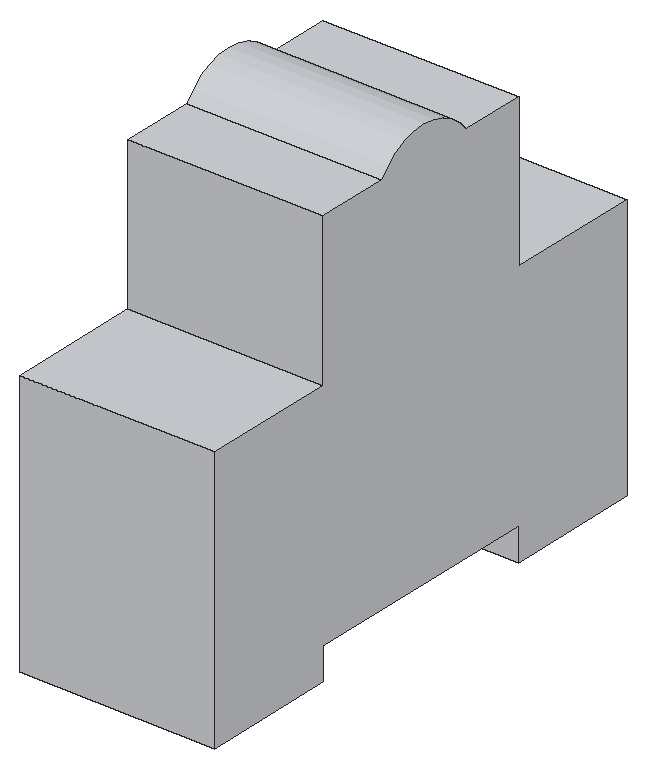
Revit family "Power-ModularDevices-GEWISS-90AM-SPD_TYPE1+2_1PN_12kA", category Apparecchi elettrici, host Superficie, Revit 2016
Family settings
  Host = Superficie
  Mantenere orientamento annotazione = Sì
  Tipo di parte = Normale
  Quota connettore circolare = Usa diametro
  Numero OmniClass = 23.80.50.00
  Titolo OmniClass = Terminals for Power Supply
  Taglio con vuoti quando caricato = No
  Condiviso = No
  Punto di calcolo locali = Sì
Parameters (values of type "GWD6401 - LST - SPD 1P+N 12,5KA T1+2")
  potenza in watt = 0 V
  carico = Altro
  Version file RFA = "18.0"
  URL = "https://www.gewiss.com/ww/en"
  Type: = "1+2"
  Type = "1+2"
  Technical sheet = "https://www.gewiss.com/ww/en/search?q=GWD6401"
  Spostamento_x = -50 mm
  Simbolo in pianta = yes
  SEO = "Limiter"
  Realized by GEWISS S.p.A. = ""
  Rated voltage AC = "230V"
  Rated voltage = "230Vac"
  Default Elevation = 1219.2 mm
  Produttore = "GEWISS S.p.A."
  Numero di poli = 1
  Spost_x_eff [instance] = 4000 mm + Spostamento_x  # 3950 mm
  Number of poles = "1P+N"
  No. of poles = "1P+N"
  No. of modules EN 50022 = "2"
  No. Chorus modules = "2"
  Modello = "GWD6401"
  Maximum discharge current: = "65KA"
  Impulse current: = "12,5KA"
  Immagine tipo = GWD6401.jpg
  IFC.TypeObject = ""
  IFC.ExportType = ""
  IFC.ExportAs = ""
  IDT = "3eadec53-785f-4656-9471-459a1ac69818"
  IDF = "a3027289-0c26-4ed6-b6f9-3071d9977e8a"
  Electrocod = "0641"
  EAN code = "8011564801998"
  Descrizione = "LST - SPD 1P+N 12,5KA T1+2"
  Catalogue Range = "90 AM"
  Catalogue = "POWER"
  COBie.Tagnumber = ""
  COBie.CreatedOn = ""
  COBie.CreatebBy = ""
  COBie.ComponentRegisterItemID = ""
  COBie.Component.TagNumber = ""
  COBie.Component.Space = ""
  COBie.Component.SerialNumber = ""
  COBie.Component.InstallationDate = ""
  COBie.Component.Description = ""
  COBie.Component.BarCode = ""
  Barra_DIN = 0 mm
  Aux end-of-life contact = "No"
Types (2, lengths in mm): name | URL | Produttore | Modello | Descrizione
  (no name) | 0 | 0 | 0 | 0
  GWD6401 - LST - SPD 1P+N 12,5KA T1+2 | "https://www.gewiss.com/ww/en" | "GEWISS S.p.A." | "GWD6401" | "LST - SPD 1P+N 12,5KA T1+2"
Values of the unnamed type that differ from the named types
  Version file RFA = ""
  Type: = ""
  Type = ""
  Technical sheet = ""
  SEO = ""
  Rated voltage AC = ""
  Rated voltage = ""
  Number of poles = ""
  No. of poles = ""
  No. of modules EN 50022 = ""
  No. Chorus modules = ""
  Maximum discharge current: = ""
  Impulse current: = ""
  IDT = ""
  IDF = ""
  Electrocod = ""
  EAN code = ""
  Catalogue Range = ""
  Catalogue = ""
  Aux end-of-life contact = ""
Reference planes
  plane 1 "Centro (Fronte/Retro)": y = 0
  plane 2: z = 0
  plane 3 "Centro (Sinistra/Destra)": x = 0
  plane 4: z = 0
  plane 5: x = 0
Dimensions and locks
  "Barra_DIN": host face to plane 4
  aligned and locked: plane 2 to host face
  aligned and locked: level to host face
  aligned and locked: plane 3 "Centro (Sinistra/Destra)" to nested 1
  aligned and locked: plane 1 "Centro (Fronte/Retro)" to nested 1
Automatic sketch dimensions
  host sketch curve to host sketch curve = 6519.2 mm
  host sketch curve to host sketch curve = 4328.142 mm
Nested families
  nested 1: "GENERICO - 90AM SCARICATORI LST TIPO 1+2 1P+N 12,5KA" at (0, 0, 7), type "GENERICO - 90AM SCARICATORI LST TIPO 1+2 1P+N 12,5KA"
  nested 2: "Famiglia3" at (0, 58.831, 0), visible <- "Simbolo in pianta", type "Famiglia3"
Connectors
  electrical at (0, 47.5, 25.5)
    settings: on nested 1, index 1, voltage 230 V, apparent load 0 VA, apparent load phase1 0 VA, apparent load phase2 0 VA, apparent load phase3 0 VA, power factor 1, load classification "Altro", number of poles 1, system type 31, power factor state 1, is connector primary yes, connector utility no, sub classification motor no, connector description ""
Definition of nested family "GENERICO - 90AM SCARICATORI LST TIPO 1+2 1P+N 12,5KA"
  Parameters (values of type "GENERICO - 90AM SCARICATORI LST TIPO 1+2 1P+N 12,5KA")
    h_barra din = if(Altezza barre = 1 mm, 69.9 mm, if(Altezza barre = 2 mm, 115.8 mm, 0 mm))  # 0 mm
    Default Elevation = 1219.2 mm
    H = if(AB_O = 1, AB_V, if(AB_O = 2, AB_H, 50.8 mm))  # 50.8 mm
    Dist barra din = 0 mm  # constant formula
    C1 = 49 mm  # constant formula
    C = 76 mm  # constant formula
    B = 95 mm  # constant formula
    Altezza barre = 5 mm  # constant formula
    AB_V = 3 mm  # constant formula
    AB_H = 5 mm  # constant formula
    AB_O = 0  # constant formula
    A = 36 mm  # constant formula
  Reference planes
    plane 1 "Centro (Fronte/Retro)": y = 0
    plane 2: z = 0
    plane 3 "Centro (Sinistra/Destra)": x = 0
    plane 4: y = -47.5
    plane 5: y = 47.5
    plane 6: z = 0
    plane 7: z = -6
    plane 8 "top": z = 76
    plane 9 "incasso": z = 43
    plane 10: y = -22.5
    plane 11: y = 22.5
    plane 12: x = -18
    plane 13: x = 18
    plane 14: through (4267.2, -42.5, 9) normal (0, -0.1901, 0.9818)
    plane 15 "POSIZIONE": z = 71
    plane 16: y = 10.353
    plane 17: y = -8.889
  Forms (mm)
    Extrusion 1, solid
      sketch origin (0, 0, 0) x (0, 1, 0) y (0, 0, 1)
        loop
          line (-22.5, 0) -> (22.5, 0) -> (22.5, -6) -> (47.5, -6) -> (47.5, 43) -> (22.5, 43) -> (22.5, 71) -> (10.353, 71)
          arc (10.353, 71) -> (0.732, 76.023) -> (-8.889, 71) r 11.726
          line (-8.889, 71) -> (-22.5, 71) -> (-22.5, 43) -> (-47.5, 43) -> (-47.5, -6) -> (-22.5, -6) -> (-22.5, 0)
      from -18 to 18
  Lines and regions (mm)
    symbolic lines
      curve 1: line (0, 0, 15) -> (0, 0, -6)
      curve 2: line (0, -22.5, 0) -> (0, 22.5, 0)
      curve 304: line (0, 47.5, 43) -> (0, 22.5, 43)
    model lines, not visible
      curve 3: line (224.303, 91.977, 74) -> (224.303, 136.977, 74)
      curve 4: line (154.303, 136.977, 74) -> (154.303, 91.977, 74)
      curve 5: line (224.303, 136.977, 74) -> (154.303, 136.977, 74)
      curve 6: line (224.303, 91.977, 74) -> (154.303, 91.977, 74)
      curve 7: line (208.303, 108.977, 74) -> (169.303, 108.977, 74)
      curve 8: line (169.303, 108.977, 74) -> (169.303, 125.977, 74)
      curve 9: line (169.303, 125.977, 74) -> (208.303, 125.977, 74)
      curve 10: line (208.303, 125.977, 74) -> (208.303, 108.977, 74)
      curve 192: line (95.035, 64.787, 53) -> (165.035, 64.787, 53)
      curve 193: line (165.035, 64.787, 53) -> (165.035, 84.787, 53)
      curve 194: line (95.035, 84.787, 53) -> (95.035, 64.787, 53)
      curve 195: line (165.035, 84.787, 53) -> (95.035, 84.787, 53)
      curve 204: line (159.024, 125.408, 53) -> (89.024, 125.408, 53)
      curve 205: line (159.024, 105.408, 53) -> (89.024, 105.408, 53)
      curve 206: line (159.024, 113.408, 53) -> (89.024, 113.408, 53)
      curve 207: line (121.484, 119.926, 53) -> (121.484, 118.591, 53)
      curve 208: line (121.484, 118.591, 53) -> (126.564, 118.591, 53)
      curve 209: line (126.564, 118.591, 53) -> (126.564, 119.926, 53)
      curve 210: line (128.168, 122.331, 53) -> (128.168, 119.926, 53)
      curve 211: line (128.168, 119.926, 53) -> (119.879, 119.926, 53)
      curve 212: line (119.879, 119.926, 53) -> (119.879, 122.331, 53)
      curve 213: line (119.879, 122.331, 53) -> (128.168, 122.331, 53)
      curve 309: line (-18, 42.406, 43) -> (18, 42.406, 43)
      curve 311: circle (-9.553, 37.799, 43) r 3.335 normal (0, 0, 1)
      curve 312: circle (8.447, 37.799, 43) r 3.429 normal (0, 0, 1)
      curve 313: circle (-9.553, -37.201, 43) r 3.335 normal (0, 0, 1)
      curve 314: line (0, -22.5, 43) -> (0, -47.5, 43)
    model lines, not visible, detail levels fine
      curve 11: line (158.803, 96.373, 74) -> (158.803, 94.178, 74)
      curve 12: line (158.803, 94.178, 74) -> (158.068, 94.178, 74)
      curve 13: line (158.068, 94.178, 74) -> (157.642, 94.232, 74)
      curve 14: line (157.642, 94.232, 74) -> (157.12, 94.463, 74)
      curve 15: line (157.12, 94.463, 74) -> (156.706, 94.847, 74)
      curve 16: line (156.706, 94.847, 74) -> (156.431, 95.365, 74)
      curve 17: line (156.431, 95.365, 74) -> (156.346, 95.917, 74)
      curve 18: line (156.346, 95.917, 74) -> (156.429, 96.426, 74)
      curve 19: line (156.429, 96.426, 74) -> (156.649, 96.875, 74)
      curve 20: line (156.649, 96.875, 74) -> (157.044, 97.285, 74)
      curve 21: line (157.044, 97.285, 74) -> (157.523, 97.533, 74)
      curve 22: line (157.523, 97.533, 74) -> (158.061, 97.622, 74)
      curve 23: line (158.061, 97.622, 74) -> (158.803, 97.622, 74)
      curve 24: line (158.803, 97.622, 74) -> (158.803, 96.676, 74)
      curve 25: line (158.803, 96.676, 74) -> (157.555, 96.676, 74)
      curve 26: line (157.555, 96.676, 74) -> (157.555, 95.124, 74)
      curve 27: line (157.555, 95.124, 74) -> (157.859, 95.124, 74)
      curve 28: line (157.859, 95.124, 74) -> (157.859, 96.373, 74)
      curve 29: line (157.859, 96.373, 74) -> (158.803, 96.373, 74)
      curve 30: line (161.774, 94.178, 74) -> (159.106, 94.178, 74)
      curve 31: line (159.106, 94.178, 74) -> (159.106, 97.622, 74)
      curve 32: line (159.106, 97.622, 74) -> (160.525, 97.622, 74)
      curve 33: line (160.525, 97.622, 74) -> (160.525, 96.676, 74)
      curve 34: line (160.525, 96.676, 74) -> (160.052, 96.676, 74)
      curve 35: line (160.052, 96.676, 74) -> (160.052, 96.373, 74)
      curve 36: line (160.052, 96.373, 74) -> (161.774, 96.373, 74)
      curve 37: line (161.774, 96.373, 74) -> (161.774, 95.427, 74)
      curve 38: line (161.774, 95.427, 74) -> (160.052, 95.427, 74)
      curve 39: line (160.052, 95.427, 74) -> (160.052, 95.124, 74)
      curve 40: line (160.052, 95.124, 74) -> (161.774, 95.124, 74)
      curve 41: line (161.774, 95.124, 74) -> (161.774, 94.178, 74)
      curve 42: line (166.599, 94.178, 74) -> (166.599, 96.373, 74)
      curve 43: line (166.599, 96.373, 74) -> (165.653, 96.373, 74)
      curve 44: line (165.653, 96.373, 74) -> (165.653, 94.178, 74)
      curve 45: line (165.653, 94.178, 74) -> (166.599, 94.178, 74)
      curve 46: line (163.43, 94.178, 74) -> (163.714, 95.597, 74)
      curve 47: line (163.714, 95.597, 74) -> (163.997, 94.178, 74)
      curve 48: line (163.997, 94.178, 74) -> (164.944, 94.178, 74)
      curve 49: line (164.944, 94.178, 74) -> (165.53, 96.676, 74)
      curve 50: line (165.53, 96.676, 74) -> (166.599, 96.676, 74)
      curve 51: line (166.599, 96.676, 74) -> (166.599, 97.622, 74)
      curve 52: line (166.599, 97.622, 74) -> (164.783, 97.622, 74)
      curve 53: line (164.783, 97.622, 74) -> (164.442, 96.165, 74)
      curve 54: line (164.442, 96.165, 74) -> (164.206, 97.622, 74)
      curve 55: line (164.206, 97.622, 74) -> (163.222, 97.622, 74)
      curve 56: line (163.222, 97.622, 74) -> (162.985, 96.165, 74)
      curve 57: line (162.985, 96.165, 74) -> (162.645, 97.622, 74)
      curve 58: line (162.645, 97.622, 74) -> (160.828, 97.622, 74)
      curve 59: line (160.828, 97.622, 74) -> (160.828, 96.676, 74)
      curve 60: line (160.828, 96.676, 74) -> (161.897, 96.676, 74)
      curve 61: line (161.897, 96.676, 74) -> (162.482, 94.178, 74)
      curve 62: line (162.482, 94.178, 74) -> (163.43, 94.178, 74)
      curve 63: line (169.57, 97.622, 74) -> (166.902, 97.622, 74)
      curve 64: line (166.902, 97.622, 74) -> (166.902, 95.427, 74)
      curve 65: line (166.902, 95.427, 74) -> (168.624, 95.427, 74)
      curve 66: line (168.624, 95.427, 74) -> (168.624, 95.124, 74)
      curve 67: line (168.624, 95.124, 74) -> (166.902, 95.124, 74)
      curve 68: line (166.902, 95.124, 74) -> (166.902, 94.178, 74)
      curve 69: line (166.902, 94.178, 74) -> (169.57, 94.178, 74)
      curve 70: line (169.57, 94.178, 74) -> (169.57, 96.373, 74)
      curve 71: line (169.57, 96.373, 74) -> (167.848, 96.373, 74)
      curve 72: line (167.848, 96.373, 74) -> (167.848, 96.676, 74)
      curve 73: line (167.848, 96.676, 74) -> (169.57, 96.676, 74)
      curve 74: line (169.57, 96.676, 74) -> (169.57, 97.622, 74)
      curve 75: line (169.873, 97.622, 74) -> (169.873, 95.427, 74)
      curve 76: line (169.873, 95.427, 74) -> (171.478, 95.427, 74)
      curve 77: line (171.478, 95.427, 74) -> (171.478, 95.124, 74)
      curve 78: line (171.478, 95.124, 74) -> (169.873, 95.124, 74)
      curve 79: line (169.873, 95.124, 74) -> (169.873, 94.178, 74)
      curve 80: line (169.873, 94.178, 74) -> (170.819, 94.178, 74)
      curve 81: line (170.819, 94.178, 74) -> (171.365, 94.354, 74)
      curve 82: line (171.365, 94.354, 74) -> (171.718, 94.584, 74)
      curve 83: line (171.718, 94.584, 74) -> (172.121, 95.079, 74)
      curve 84: line (172.121, 95.079, 74) -> (172.309, 95.635, 74)
      curve 85: line (172.309, 95.635, 74) -> (172.315, 96.128, 74)
      curve 86: line (172.315, 96.128, 74) -> (172.263, 96.373, 74)
      curve 87: line (172.263, 96.373, 74) -> (170.819, 96.373, 74)
      curve 88: line (170.819, 96.373, 74) -> (170.819, 96.676, 74)
      curve 89: line (170.819, 96.676, 74) -> (172.134, 96.676, 74)
      curve 90: line (172.134, 96.676, 74) -> (171.964, 96.962, 74)
      curve 91: line (171.964, 96.962, 74) -> (171.718, 97.217, 74)
      curve 92: line (171.718, 97.217, 74) -> (171.375, 97.442, 74)
      curve 93: line (171.375, 97.442, 74) -> (171.017, 97.573, 74)
      curve 94: line (171.017, 97.573, 74) -> (170.615, 97.622, 74)
      curve 95: line (170.615, 97.622, 74) -> (169.873, 97.622, 74)
    model lines, not visible, detail levels medium+fine
      curve 96: line (179.303, 95.702, 74) -> (180.69, 96.074, 74)
      curve 97: line (180.69, 96.074, 74) -> (181.706, 97.09, 74)
      curve 98: line (181.706, 97.09, 74) -> (182.077, 98.477, 74)
      curve 99: line (182.077, 98.477, 74) -> (181.706, 99.864, 74)
      curve 100: line (181.706, 99.864, 74) -> (180.69, 100.879, 74)
      curve 101: line (180.69, 100.879, 74) -> (179.303, 101.251, 74)
      curve 102: line (179.303, 101.251, 74) -> (177.916, 100.879, 74)
      curve 103: line (177.916, 100.879, 74) -> (176.9, 99.864, 74)
      curve 104: line (176.9, 99.864, 74) -> (176.529, 98.477, 74)
      curve 105: line (176.529, 98.477, 74) -> (176.9, 97.09, 74)
      curve 106: line (176.9, 97.09, 74) -> (177.916, 96.074, 74)
      curve 107: line (177.916, 96.074, 74) -> (179.303, 95.702, 74)
      curve 108: line (202.303, 95.702, 74) -> (203.69, 96.074, 74)
      curve 109: line (203.69, 96.074, 74) -> (204.706, 97.09, 74)
      curve 110: line (204.706, 97.09, 74) -> (205.077, 98.477, 74)
      curve 111: line (205.077, 98.477, 74) -> (204.706, 99.864, 74)
      curve 112: line (204.706, 99.864, 74) -> (203.69, 100.879, 74)
      curve 113: line (203.69, 100.879, 74) -> (202.303, 101.251, 74)
      curve 114: line (202.303, 101.251, 74) -> (200.916, 100.879, 74)
      curve 115: line (200.916, 100.879, 74) -> (199.9, 99.864, 74)
      curve 116: line (199.9, 99.864, 74) -> (199.529, 98.477, 74)
      curve 117: line (199.529, 98.477, 74) -> (199.9, 97.09, 74)
      curve 118: line (199.9, 97.09, 74) -> (200.916, 96.074, 74)
      curve 119: line (200.916, 96.074, 74) -> (202.303, 95.702, 74)
      curve 120: line (219.287, 129.534, 74) -> (220.062, 129.741, 74)
      curve 121: line (220.062, 129.741, 74) -> (220.629, 130.308, 74)
      curve 122: line (220.629, 130.308, 74) -> (220.836, 131.083, 74)
      curve 123: line (220.836, 131.083, 74) -> (220.629, 131.857, 74)
      curve 124: line (220.629, 131.857, 74) -> (220.062, 132.424, 74)
      curve 125: line (220.062, 132.424, 74) -> (219.287, 132.631, 74)
      curve 126: line (219.287, 132.631, 74) -> (218.513, 132.424, 74)
      curve 127: line (218.513, 132.424, 74) -> (217.946, 131.857, 74)
      curve 128: line (217.946, 131.857, 74) -> (217.739, 131.083, 74)
      curve 129: line (217.739, 131.083, 74) -> (217.946, 130.308, 74)
      curve 130: line (217.946, 130.308, 74) -> (218.513, 129.741, 74)
      curve 131: line (218.513, 129.741, 74) -> (219.287, 129.534, 74)
      curve 132: line (219.287, 123.534, 74) -> (220.062, 123.741, 74)
      curve 133: line (220.062, 123.741, 74) -> (220.629, 124.308, 74)
      curve 134: line (220.629, 124.308, 74) -> (220.836, 125.083, 74)
      curve 135: line (220.836, 125.083, 74) -> (220.629, 125.857, 74)
      curve 136: line (220.629, 125.857, 74) -> (220.062, 126.424, 74)
      curve 137: line (220.062, 126.424, 74) -> (219.287, 126.631, 74)
      curve 138: line (219.287, 126.631, 74) -> (218.513, 126.424, 74)
      curve 139: line (218.513, 126.424, 74) -> (217.946, 125.857, 74)
      curve 140: line (217.946, 125.857, 74) -> (217.739, 125.083, 74)
      curve 141: line (217.739, 125.083, 74) -> (217.946, 124.308, 74)
      curve 142: line (217.946, 124.308, 74) -> (218.513, 123.741, 74)
      curve 143: line (218.513, 123.741, 74) -> (219.287, 123.534, 74)
      curve 144: line (219.287, 117.534, 74) -> (220.062, 117.741, 74)
      curve 145: line (220.062, 117.741, 74) -> (220.629, 118.308, 74)
      curve 146: line (220.629, 118.308, 74) -> (220.836, 119.083, 74)
      curve 147: line (220.836, 119.083, 74) -> (220.629, 119.857, 74)
      curve 148: line (220.629, 119.857, 74) -> (220.062, 120.424, 74)
      curve 149: line (220.062, 120.424, 74) -> (219.287, 120.631, 74)
      curve 150: line (219.287, 120.631, 74) -> (218.513, 120.424, 74)
      curve 151: line (218.513, 120.424, 74) -> (217.946, 119.857, 74)
      curve 152: line (217.946, 119.857, 74) -> (217.739, 119.083, 74)
      curve 153: line (217.739, 119.083, 74) -> (217.946, 118.308, 74)
      curve 154: line (217.946, 118.308, 74) -> (218.513, 117.741, 74)
      curve 155: line (218.513, 117.741, 74) -> (219.287, 117.534, 74)
      curve 156: line (219.287, 111.534, 74) -> (220.062, 111.741, 74)
      curve 157: line (220.062, 111.741, 74) -> (220.629, 112.308, 74)
      curve 158: line (220.629, 112.308, 74) -> (220.836, 113.083, 74)
      curve 159: line (220.836, 113.083, 74) -> (220.629, 113.857, 74)
      curve 160: line (220.629, 113.857, 74) -> (220.062, 114.424, 74)
      curve 161: line (220.062, 114.424, 74) -> (219.287, 114.631, 74)
      curve 162: line (219.287, 114.631, 74) -> (218.513, 114.424, 74)
      curve 163: line (218.513, 114.424, 74) -> (217.946, 113.857, 74)
      curve 164: line (217.946, 113.857, 74) -> (217.739, 113.083, 74)
      curve 165: line (217.739, 113.083, 74) -> (217.946, 112.308, 74)
      curve 166: line (217.946, 112.308, 74) -> (218.513, 111.741, 74)
      curve 167: line (218.513, 111.741, 74) -> (219.287, 111.534, 74)
      curve 168: line (219.287, 105.534, 74) -> (220.062, 105.741, 74)
      curve 169: line (220.062, 105.741, 74) -> (220.629, 106.308, 74)
      curve 170: line (220.629, 106.308, 74) -> (220.836, 107.083, 74)
      curve 171: line (220.836, 107.083, 74) -> (220.629, 107.857, 74)
      curve 172: line (220.629, 107.857, 74) -> (220.062, 108.424, 74)
      curve 173: line (220.062, 108.424, 74) -> (219.287, 108.631, 74)
      curve 174: line (219.287, 108.631, 74) -> (218.513, 108.424, 74)
      curve 175: line (218.513, 108.424, 74) -> (217.946, 107.857, 74)
      curve 176: line (217.946, 107.857, 74) -> (217.739, 107.083, 74)
      curve 177: line (217.739, 107.083, 74) -> (217.946, 106.308, 74)
      curve 178: line (217.946, 106.308, 74) -> (218.513, 105.741, 74)
      curve 179: line (218.513, 105.741, 74) -> (219.287, 105.534, 74)
      curve 180: line (219.287, 99.534, 74) -> (220.062, 99.741, 74)
      curve 181: line (220.062, 99.741, 74) -> (220.629, 100.308, 74)
      curve 182: line (220.629, 100.308, 74) -> (220.836, 101.083, 74)
      curve 183: line (220.836, 101.083, 74) -> (220.629, 101.857, 74)
      curve 184: line (220.629, 101.857, 74) -> (220.062, 102.424, 74)
      curve 185: line (220.062, 102.424, 74) -> (219.287, 102.631, 74)
      curve 186: line (219.287, 102.631, 74) -> (218.513, 102.424, 74)
      curve 187: line (218.513, 102.424, 74) -> (217.946, 101.857, 74)
      curve 188: line (217.946, 101.857, 74) -> (217.739, 101.083, 74)
      curve 189: line (217.739, 101.083, 74) -> (217.946, 100.308, 74)
      curve 190: line (217.946, 100.308, 74) -> (218.513, 99.741, 74)
      curve 191: line (218.513, 99.741, 74) -> (219.287, 99.534, 74)
      curve 196: line (165.035, 76.787, 53) -> (95.035, 76.787, 53)
      curve 197: line (127.495, 70.269, 53) -> (127.495, 71.605, 53)
      curve 198: line (127.495, 71.605, 53) -> (132.575, 71.605, 53)
      curve 199: line (132.575, 71.605, 53) -> (132.575, 70.269, 53)
      curve 200: line (134.18, 67.864, 53) -> (134.18, 70.269, 53)
      curve 201: line (134.18, 70.269, 53) -> (125.891, 70.269, 53)
      curve 202: line (125.891, 70.269, 53) -> (125.891, 67.864, 53)
      curve 203: line (125.891, 67.864, 53) -> (134.18, 67.864, 53)
    model lines, detail levels fine
      curve 214: line (-14.126, -19.935, 71) -> (-14.126, -21.516, 71)
      curve 215: line (-14.126, -21.516, 71) -> (-14.656, -21.516, 71)
      curve 216: line (-14.656, -21.516, 71) -> (-14.963, -21.478, 71)
      curve 217: line (-14.963, -21.478, 71) -> (-15.339, -21.311, 71)
      curve 218: line (-15.339, -21.311, 71) -> (-15.637, -21.034, 71)
      curve 219: line (-15.637, -21.034, 71) -> (-15.835, -20.661, 71)
      curve 220: line (-15.835, -20.661, 71) -> (-15.896, -20.263, 71)
      curve 221: line (-15.896, -20.263, 71) -> (-15.837, -19.897, 71)
      curve 222: line (-15.837, -19.897, 71) -> (-15.678, -19.573, 71)
      curve 223: line (-15.678, -19.573, 71) -> (-15.393, -19.278, 71)
      curve 224: line (-15.393, -19.278, 71) -> (-15.048, -19.099, 71)
      curve 225: line (-15.048, -19.099, 71) -> (-14.661, -19.035, 71)
      curve 226: line (-14.661, -19.035, 71) -> (-14.126, -19.035, 71)
      curve 227: line (-14.126, -19.035, 71) -> (-14.126, -19.717, 71)
      curve 228: line (-14.126, -19.717, 71) -> (-15.026, -19.717, 71)
      curve 229: line (-15.026, -19.717, 71) -> (-15.026, -20.835, 71)
      curve 230: line (-15.026, -20.835, 71) -> (-14.806, -20.835, 71)
      curve 231: line (-14.806, -20.835, 71) -> (-14.806, -19.935, 71)
      curve 232: line (-14.806, -19.935, 71) -> (-14.126, -19.935, 71)
      curve 233: line (-11.986, -21.516, 71) -> (-13.908, -21.516, 71)
      curve 234: line (-13.908, -21.516, 71) -> (-13.908, -19.035, 71)
      curve 235: line (-13.908, -19.035, 71) -> (-12.885, -19.035, 71)
      curve 236: line (-12.885, -19.035, 71) -> (-12.885, -19.717, 71)
      curve 237: line (-12.885, -19.717, 71) -> (-13.226, -19.717, 71)
      curve 238: line (-13.226, -19.717, 71) -> (-13.226, -19.935, 71)
      curve 239: line (-13.226, -19.935, 71) -> (-11.986, -19.935, 71)
      curve 240: line (-11.986, -19.935, 71) -> (-11.986, -20.617, 71)
      curve 241: line (-11.986, -20.617, 71) -> (-13.226, -20.617, 71)
      curve 242: line (-13.226, -20.617, 71) -> (-13.226, -20.835, 71)
      curve 243: line (-13.226, -20.835, 71) -> (-11.986, -20.835, 71)
      curve 244: line (-11.986, -20.835, 71) -> (-11.986, -21.516, 71)
      curve 245: line (-8.51, -21.516, 71) -> (-8.51, -19.935, 71)
      curve 246: line (-8.51, -19.935, 71) -> (-9.191, -19.935, 71)
      curve 247: line (-9.191, -19.935, 71) -> (-9.191, -21.516, 71)
      curve 248: line (-9.191, -21.516, 71) -> (-8.51, -21.516, 71)
      curve 249: line (-10.793, -21.516, 71) -> (-10.588, -20.494, 71)
      curve 250: line (-10.588, -20.494, 71) -> (-10.384, -21.516, 71)
      curve 251: line (-10.384, -21.516, 71) -> (-9.702, -21.516, 71)
      curve 252: line (-9.702, -21.516, 71) -> (-9.28, -19.717, 71)
      curve 253: line (-9.28, -19.717, 71) -> (-8.51, -19.717, 71)
      curve 254: line (-8.51, -19.717, 71) -> (-8.51, -19.035, 71)
      curve 255: line (-8.51, -19.035, 71) -> (-9.818, -19.035, 71)
      curve 256: line (-9.818, -19.035, 71) -> (-10.064, -20.085, 71)
      curve 257: line (-10.064, -20.085, 71) -> (-10.234, -19.035, 71)
      curve 258: line (-10.234, -19.035, 71) -> (-10.943, -19.035, 71)
      curve 259: line (-10.943, -19.035, 71) -> (-11.113, -20.085, 71)
      curve 260: line (-11.113, -20.085, 71) -> (-11.359, -19.035, 71)
      curve 261: line (-11.359, -19.035, 71) -> (-12.667, -19.035, 71)
      curve 262: line (-12.667, -19.035, 71) -> (-12.667, -19.717, 71)
      curve 263: line (-12.667, -19.717, 71) -> (-11.897, -19.717, 71)
      curve 264: line (-11.897, -19.717, 71) -> (-11.475, -21.516, 71)
      curve 265: line (-11.475, -21.516, 71) -> (-10.793, -21.516, 71)
      curve 266: line (-6.369, -19.035, 71) -> (-8.291, -19.035, 71)
      curve 267: line (-8.291, -19.035, 71) -> (-8.291, -20.616, 71)
      curve 268: line (-8.291, -20.616, 71) -> (-7.051, -20.616, 71)
      curve 269: line (-7.051, -20.616, 71) -> (-7.051, -20.835, 71)
      curve 270: line (-7.051, -20.835, 71) -> (-8.291, -20.835, 71)
      curve 271: line (-8.291, -20.835, 71) -> (-8.291, -21.516, 71)
      curve 272: line (-8.291, -21.516, 71) -> (-6.369, -21.516, 71)
      curve 273: line (-6.369, -21.516, 71) -> (-6.369, -19.935, 71)
      curve 274: line (-6.369, -19.935, 71) -> (-7.61, -19.935, 71)
      curve 275: line (-7.61, -19.935, 71) -> (-7.61, -19.717, 71)
      curve 276: line (-7.61, -19.717, 71) -> (-6.369, -19.717, 71)
      curve 277: line (-6.369, -19.717, 71) -> (-6.369, -19.035, 71)
      curve 278: line (-6.151, -19.035, 71) -> (-6.151, -20.616, 71)
      curve 279: line (-6.151, -20.616, 71) -> (-4.995, -20.616, 71)
      curve 280: line (-4.995, -20.616, 71) -> (-4.995, -20.835, 71)
      curve 281: line (-4.995, -20.835, 71) -> (-6.151, -20.835, 71)
      curve 282: line (-6.151, -20.835, 71) -> (-6.151, -21.516, 71)
      curve 283: line (-6.151, -21.516, 71) -> (-5.47, -21.516, 71)
      curve 284: line (-5.47, -21.516, 71) -> (-5.076, -21.39, 71)
      curve 285: line (-5.076, -21.39, 71) -> (-4.822, -21.224, 71)
      curve 286: line (-4.822, -21.224, 71) -> (-4.531, -20.867, 71)
      curve 287: line (-4.531, -20.867, 71) -> (-4.396, -20.467, 71)
      curve 288: line (-4.396, -20.467, 71) -> (-4.392, -20.112, 71)
      curve 289: line (-4.392, -20.112, 71) -> (-4.429, -19.935, 71)
      curve 290: line (-4.429, -19.935, 71) -> (-5.47, -19.935, 71)
      curve 291: line (-5.47, -19.935, 71) -> (-5.47, -19.717, 71)
      curve 292: line (-5.47, -19.717, 71) -> (-4.522, -19.717, 71)
      curve 293: line (-4.522, -19.717, 71) -> (-4.645, -19.511, 71)
      curve 294: line (-4.645, -19.511, 71) -> (-4.822, -19.327, 71)
      curve 295: line (-4.822, -19.327, 71) -> (-5.069, -19.165, 71)
      curve 296: line (-5.069, -19.165, 71) -> (-5.327, -19.071, 71)
      curve 297: line (-5.327, -19.071, 71) -> (-5.616, -19.035, 71)
      curve 298: line (-5.616, -19.035, 71) -> (-6.151, -19.035, 71)
    model lines, detail levels medium+fine
      curve 299: line (14.779, 14.244, 71) -> (14.779, 18.617, 71)
      curve 300: line (14.779, 18.617, 71) -> (4.595, 18.617, 71)
      curve 301: line (4.595, 18.617, 71) -> (4.595, 14.244, 71)
      curve 302: line (4.595, 14.244, 71) -> (14.779, 14.244, 71)
    model lines
      curve 303: line (-18, 42.406, 43) -> (18, 42.406, 43)
      curve 305: circle (-9.553, 37.799, 43) r 3.335 normal (0, 0, 1)
      curve 306: circle (8.447, 37.799, 43) r 3.429 normal (0, 0, 1)
      curve 307: circle (-9.553, -37.201, 43) r 3.335 normal (0, 0, 1)
      curve 308: line (0, -22.5, 43) -> (0, -47.5, 43)
    symbolic lines, not visible
      curve 310: line (0, 47.5, 43) -> (0, 22.5, 43)
  Text (mm)
    text "AB_V" at (0, 50.868, 44.72), in view "Destra"
    text "AB_O" at (0, -80.659, 111.963), in view "Destra"
  Dimensions and locks
    equal spacing: plane 4, plane 1 "Centro (Fronte/Retro)", plane 5
    "B": plane 4 to plane 5
    "Dist barra din": plane 6 to level
    locked: plane 6 to plane 7 at 6
    "C": plane 8 "top" to plane 6
    equal spacing: plane 10, plane 1 "Centro (Fronte/Retro)", plane 11
    plane 10 to plane 11 = 45 mm
    equal spacing: plane 12, plane 3 "Centro (Sinistra/Destra)", plane 13
    "A": plane 12 to plane 13
    "C1": plane 9 "incasso" to plane 7
    locked: plane 15 "POSIZIONE" to plane 9 "incasso" at 28
    angle level to plane 14 = 10.9557°
    angle plane 4 to plane 8 "top" = 90.00°
    aligned and locked: level to plane 2
    aligned and locked: Extrusion 1 sketch curve to plane 6
    aligned and locked: Extrusion 1 sketch curve to plane 7
    aligned and locked: Extrusion 1 sketch curve to plane 4
    aligned and locked: Extrusion 1 sketch curve to plane 9 "incasso"  (x2)
    aligned and locked: Extrusion 1 sketch curve to plane 11  (x2)
    aligned and locked: Extrusion 1 sketch curve to plane 5
    aligned and locked: Extrusion 1 sketch curve to plane 10  (x2)
    aligned and locked: plane 1 "Centro (Fronte/Retro)" to curve 1
    aligned and locked: Extrusion 1 to plane 6
    aligned and locked: Extrusion 1 to plane 12
    aligned and locked: plane 13 to Extrusion 1
    aligned and locked: plane 15 "POSIZIONE" to Extrusion 1 sketch curve
    aligned and locked: Extrusion 1 sketch curve to plane 15 "POSIZIONE"
    aligned and locked: plane 17 to Extrusion 1 sketch curve
    aligned and locked: plane 16 to Extrusion 1 sketch curve
  Automatic sketch dimensions
    Extrusion 1 sketch curve to plane 7 = 0 mm
    plane 15 "POSIZIONE" to Extrusion 1 sketch curve = 6.703 mm
    curve 2 to level = 0 mm
    curve 2 to plane 10 = 0 mm
    curve 2 to plane 11 = 0 mm
    curve 1 to plane 7 = 0 mm
    level to curve 1 = 15 mm
    plane 12 to curve 221 = 2.104 mm
    curve 220 to curve 221 = 0.059 mm
    curve 220 to curve 219 = 0.061 mm
    curve 221 to curve 223 = 0.159 mm
    curve 219 to curve 218 = 0.198 mm
    curve 222 to curve 224 = 0.285 mm
    plane 10 to curve 217 = 1.189 mm
    curve 218 to curve 217 = 0.298 mm
    curve 223 to curve 224 = 0.345 mm
    curve 223 to curve 228 = 0.367 mm
    plane 10 to curve 216 = 1.022 mm
    curve 217 to curve 216 = 0.376 mm
    curve 229 to curve 231 = 0.219 mm
    curve 224 to curve 225 = 0.388 mm
    plane 10 to curve 216 = 0.984 mm
    curve 216 to curve 216 = 0.307 mm
    curve 231 to curve 227 = 0.681 mm
    curve 215 to curve 215 = 0.53 mm
    curve 214 to curve 233 = 0.218 mm
    curve 214 to curve 239 = 0.899 mm
    curve 238 to curve 243 = 0.001 mm
    curve 237 to curve 237 = 0.341 mm
    curve 235 to curve 261 = 0.218 mm
    curve 262 to curve 240 = 0.681 mm
    curve 240 to curve 243 = 0 mm
    curve 239 to curve 263 = 0.089 mm
    plane 10 to curve 264 = 0.984 mm
    curve 233 to curve 264 = 0.51 mm
    curve 263 to curve 261 = 0.538 mm
    plane 10 to curve 259 = 2.415 mm
    curve 263 to curve 259 = 0.784 mm
    curve 260 to curve 258 = 0.416 mm
    curve 264 to curve 249 = 0.682 mm
    plane 10 to curve 249 = 2.006 mm
    curve 259 to curve 249 = 0.525 mm
    plane 10 to curve 250 = 0.984 mm
    curve 249 to curve 250 = 0.409 mm
    plane 10 to curve 257 = 3.465 mm
    curve 258 to curve 257 = 0.709 mm
    plane 10 to curve 256 = 2.415 mm
    curve 249 to curve 256 = 0.525 mm
    plane 10 to curve 256 = 3.465 mm
    curve 257 to curve 256 = 0.416 mm
    curve 250 to curve 251 = 0.682 mm
    curve 256 to curve 253 = 0.784 mm
    curve 252 to curve 246 = 0.089 mm
    curve 252 to curve 254 = 0.77 mm
    curve 246 to curve 253 = 0 mm
    curve 245 to curve 272 = 0.218 mm
    curve 254 to curve 266 = 0.218 mm
    curve 245 to curve 274 = 0.9 mm
    curve 274 to curve 268 = 0.559 mm
    curve 268 to curve 273 = 0.682 mm
    curve 266 to curve 273 = 0 mm
    curve 266 to curve 278 = 0.218 mm
    curve 272 to curve 283 = 0.218 mm
    curve 278 to curve 298 = 0.535 mm
    curve 282 to curve 283 = 0.682 mm
    curve 297 to curve 292 = 0.147 mm
    curve 297 to curve 296 = 0.29 mm
    plane 10 to curve 285 = 1.11 mm
    curve 283 to curve 285 = 0.394 mm
    curve 296 to curve 295 = 0.258 mm
    curve 284 to curve 281 = 0.081 mm
    curve 295 to curve 294 = 0.247 mm
    plane 10 to curve 286 = 1.276 mm
    curve 284 to curve 286 = 0.254 mm
    curve 294 to curve 293 = 0.177 mm
    plane 10 to curve 286 = 1.633 mm
    curve 285 to curve 286 = 0.291 mm
    curve 293 to curve 292 = 0.123 mm
    curve 292 to curve 289 = 0.093 mm
    plane 10 to curve 288 = 2.033 mm
    curve 286 to curve 288 = 0.135 mm
    curve 289 to curve 289 = 0.037 mm
    plane 3 "Centro (Sinistra/Destra)" to curve 302 = 4.595 mm
    plane 10 to curve 272 = 0.984 mm
    curve 233 to curve 264 = 0 mm
    curve 248 to curve 271 = 0 mm
    curve 284 to curve 284 = 0.126 mm
    curve 217 to curve 218 = 0.277 mm
    curve 216 to curve 230 = 0.643 mm
    curve 282 to curve 281 = 0.682 mm
    curve 271 to curve 270 = 0.682 mm
    curve 233 to curve 244 = 0.682 mm
    curve 218 to curve 219 = 0.373 mm
    curve 243 to curve 240 = 0.218 mm
    curve 270 to curve 268 = 0.218 mm
    curve 280 to curve 279 = 0.218 mm
    curve 219 to curve 221 = 0.398 mm
    curve 287 to curve 288 = 0.355 mm
    curve 230 to curve 231 = 0.9 mm
    curve 278 to curve 274 = 0.682 mm
    curve 279 to curve 291 = 0.682 mm
    curve 267 to curve 245 = 0.682 mm
    curve 241 to curve 238 = 0.682 mm
    curve 220 to curve 222 = 0.367 mm
    curve 246 to curve 252 = 0.218 mm
    curve 239 to curve 263 = 0.218 mm
    curve 289 to curve 293 = 0.218 mm
    curve 273 to curve 277 = 0.218 mm
    curve 231 to curve 229 = 0.218 mm
    curve 262 to curve 236 = 0 mm
    curve 221 to curve 222 = 0.323 mm
    curve 292 to curve 293 = 0.206 mm
    curve 293 to curve 294 = 0.184 mm
    curve 222 to curve 223 = 0.295 mm
    curve 294 to curve 295 = 0.162 mm
    curve 223 to curve 225 = 0.179 mm
    curve 295 to curve 297 = 0.094 mm
    curve 276 to curve 278 = 0.682 mm
    curve 277 to curve 278 = 0 mm
    curve 262 to curve 262 = 0.682 mm
    curve 236 to curve 261 = 0 mm
    curve 227 to curve 234 = 0 mm
    curve 299 to plane 16 = 3.89 mm
    curve 305 to curve 306 = 0 mm
    curve 305 to curve 307 = 75 mm
    curve 305 to curve 307 = 0 mm
    curve 305 to curve 306 = 18 mm
    curve 311 to curve 312 = 0 mm
    curve 311 to curve 313 = 75 mm
    curve 311 to curve 313 = 0 mm
    curve 311 to curve 312 = 18 mm
    curve 308 to curve 307 = 14.701 mm
    curve 307 to curve 308 = 10.299 mm
    curve 307 to curve 308 = 9.553 mm
    curve 306 to curve 303 = 9.553 mm
    curve 303 to curve 305 = 4.606 mm
    curve 304 to curve 306 = 9.701 mm
    curve 306 to curve 304 = 15.299 mm
    curve 303 to curve 305 = 8.447 mm
    curve 304 to curve 306 = 8.447 mm
    curve 314 to curve 313 = 14.701 mm
    curve 313 to curve 314 = 10.299 mm
    curve 313 to curve 314 = 9.553 mm
    curve 312 to curve 309 = 9.553 mm
    curve 309 to curve 311 = 4.606 mm
    curve 310 to curve 312 = 9.701 mm
    curve 312 to curve 310 = 15.299 mm
    curve 309 to curve 311 = 8.447 mm
    curve 310 to curve 312 = 8.447 mm
    curve 299 to plane 13 = 3.221 mm
    curve 301 to plane 11 = 3.883 mm
    radius of curve 305 = 3.335 mm
    radius of curve 306 = 3.429 mm
    radius of curve 307 = 3.335 mm
    radius of curve 311 = 3.335 mm
    radius of curve 312 = 3.429 mm
    radius of curve 313 = 3.335 mm
Definition of nested family "Famiglia3"
  Reference planes
    plane 1: y = 0
    plane 2: x = 0
  Lines and regions (mm)
    detail lines
      curve 1: line (0, 0, 0) -> (-0.001, 3.334, 0)
      curve 2: line (0.277, 3.334, 0) -> (-0.278, 3.334, 0)
      curve 3: line (-0.278, 3.334, 0) -> (-0.001, 4.223, 0)
      curve 4: line (-0.001, 4.223, 0) -> (0.277, 3.334, 0)
      curve 5: line (0.277, 3.334, 0) -> (-0.001, 4.223, 0)
      curve 6: line (-0.001, 4.223, 0) -> (-0.278, 3.334, 0)
      curve 7: line (-0.278, 3.334, 0) -> (0.277, 3.334, 0)
      curve 8: line (0.277, 3.334, 0) -> (-0.001, 4.223, 0)
      curve 9: line (-0.001, 4.223, 0) -> (-0.278, 3.334, 0)
      curve 10: line (-0.445, 4.612, 0) -> (0.444, 4.612, 0)
      curve 11: line (0.444, 4.612, 0) -> (0.444, 2.39, 0)
      curve 12: line (0.444, 2.39, 0) -> (-0.445, 2.389, 0)
      curve 13: line (-0.445, 2.389, 0) -> (-0.445, 4.612, 0)
